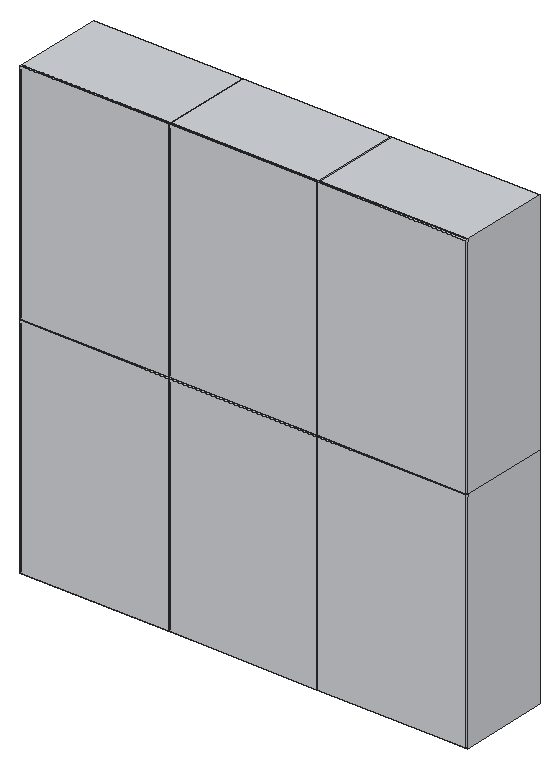
Revit family "LSN Configuration-E", category Electrical Equipment, host Face, Revit 2021
Family settings
  Host = Face
  Round Connector Dimension = Use Diameter
  Part Type = Other Panel
  OmniClass Number = 23.80.30.11.14
  OmniClass Title = Inverters
  Cut with Voids When Loaded = No
  Shared = No
  Room Calculation Point = No
Parameters (values of type "LSN")
  Width = 30.00"  # constant formula
  Wattage = ""
  Voltage = ""
  URL = "https://www.currentlighting.com/dual-lite"
  Temperature Range = "20°C - 30°C (68°F - 86°F)"  # constant formula
  Product Page URL = ""
  Product Documentation Link = ""
  Output Voltage = Output Voltage : 120/240VAC
  Model = "LSN - D Series"  # constant formula
  Manufacturer = "Dual-Lite"  # constant formula
  Load Classification = Power
  Input Voltage = Input Voltage : 120VAC
  Housing Material = Metal -  Steel - Gray
  Height = 46.00"  # constant formula
  Door Open [instance] = no
  Door Angle [instance] = if(Door Open, 90.00°, 0.00°)  # 0.00°
  Description = "Single-Phase Central Lighting Inverters"  # constant formula
  Depth = 18.63"  # constant formula
  Default Elevation = 48.00"
  Connector Description = "Electrical Connector"  # constant formula
  Capacity Rating = Capacity Rating : 01 = 1.0KVA
  Battery Type = Battery Type : G = 20-Year VRLA Lead-Calcium
  Assembly Code = "D5090200"
Reference planes (in)
  plane 1 "Center (Front/Back)": y = 0
  plane 2 "Bottom": z = 0
  plane 3 "Center (Left/Right)": x = 0
  plane 4 "Right": x = 15
  plane 5 "Left": x = -15
  plane 6 "Top": z = 46
  plane 7 "T": y = 9.315
  plane 8 "Front": y = -9.315
  plane 9: y = -8.815
  plane 10: x = -14.5
  plane 11: z = 45.5
  plane 12: x = 14.5
  plane 13: z = 0.5
  plane 14: y = 8.815
Lines and regions (in)
  reference lines
    curve 1: line (-15, -8.815, 0) -> (-15, -9.315, 0)
    curve 2: line (-15, -8.815, 0) -> (-15, -15.565, 0)
    curve 3: line (-15, -8.815, 0) -> (-7, -8.815, 0)
Dimensions and locks (in)
  "Width": plane 5 "Left" to plane 4 "Right"
  "Depth": plane 8 "Front" to plane 7 "T"
  equal spacing: plane 8 "Front", plane 1 "Center (Front/Back)", plane 7 "T"
  equal spacing: plane 5 "Left", plane 3 "Center (Left/Right)", plane 4 "Right"
  locked: plane 9 to plane 8 "Front" at 0.5
  locked: plane 14 to plane 7 "T" at 0.5
  locked: curve 2 to curve 3 (angle 90.00°)
  "Door Angle": angle curve 3 to plane 9
  aligned and locked: host face to plane 2 "Bottom"
  aligned and locked: plane 9 to curve 1
  aligned and locked: plane 3 "Center (Left/Right)" to nested 1
  aligned and locked: plane 3 "Center (Left/Right)" to nested 2
  aligned and locked: plane 1 "Center (Front/Back)" to nested 1
  aligned and locked: plane 1 "Center (Front/Back)" to nested 2
  aligned and locked: nested 3 to plane 4 "Right"
  aligned and locked: plane 1 "Center (Front/Back)" to nested 3
  aligned and locked: nested 4 to plane 4 "Right"
  aligned and locked: plane 1 "Center (Front/Back)" to nested 4
  aligned and locked: nested 5 to nested 4
  aligned and locked: plane 1 "Center (Front/Back)" to nested 5
  aligned and locked: nested 6 to nested 4
  aligned and locked: plane 1 "Center (Front/Back)" to nested 6
Automatic sketch dimensions
  host sketch curve to host sketch curve = 146.16662"
  host sketch curve to host sketch curve = 96.00"
  curve 1 to plane 5 "Left" = 0.00"
  curve 1 to plane 8 "Front" = 0.00"
Nested families (in)
  nested 1: "LSN" at (0, 0, 0), type "LSN"
    with Door Angle 0.00°
  nested 2: "LSN-1" at (0, 0, 46), type "LSN"
    with Door Angle 0.00°
  nested 3: "LSN" at (30, 0, 0), type "LSN"
    with Door Angle 0.00°
  nested 4: "LSN" at (30, 0, 46), type "LSN"
    with Door Angle 0.00°
  nested 5: "LSN" at (60, 0, 0), type "LSN"
    with Door Angle 0.00°
  nested 6: "LSN" at (60, 0, 46), type "LSN"
    with Door Angle 0.00°
Connectors (in)
  electrical at (0, 9.315, 23), driven by "Connector Description", driven by "Load Classification"
    settings: on nested 1, index 1, voltage 0 V, apparent load 0 VA, apparent load phase1 0 VA, apparent load phase2 0 VA, apparent load phase3 0 VA, power factor 1, load classification "Power", number of poles 1, system type 30, power factor state 1, is connector primary yes, connector utility no, sub classification motor no, connector description "Electrical Connector"
Definition of nested family "LSN"
  Parameters
    Width = 30.00"  # constant formula
    Wattage = ""
    Voltage = ""
    URL = "http://www.dual-lite.com/"
    Temperature Range = "20°C - 30°C (68°F - 86°F)"  # constant formula
    Product Page URL = "http://www.dual-lite.com/products/lsn_d_series"
    Product Documentation Link = "http://cdn.dual-lite.com/content/products/specs/specs_files/dlt_lsn_specsht.pdf"
    Model = "LSN - D Series"  # constant formula
    Manufacturer Phone = "864-678-1000"  # constant formula
    Manufacturer Fax = "866-898-0131"  # constant formula
    Manufacturer = "Dual-Lite"  # constant formula
    Load Classification = none
    Housing Material = none
    Height = 46.00"  # constant formula
    Door Open = no
    Door Angle [instance] = if(Door Open, 90.00°, 0.00°)  # 0.00°
    Description = "Single-Phase Central Lighting Inverters"  # constant formula
    Depth = 18.63"  # constant formula
    Default Elevation = 48.00"
    Connector Description = "Electrical Connector"  # constant formula
    Assembly Code = "D5090200"
  Reference planes (in)
    plane 1 "Center (Front/Back)": y = 0
    plane 2 "Bottom": z = 0
    plane 3 "Center (Left/Right)": x = 0
    plane 4 "Right": x = 15
    plane 5 "Left": x = -15
    plane 6 "Top": z = 46
    plane 7 "T": y = 9.315
    plane 8 "Front": y = -9.315
    plane 9: y = -8.815
    plane 10: x = -14.5
    plane 11: z = 45.5
    plane 12: x = 14.5
    plane 13: z = 0.5
    plane 14: y = 8.815
  Forms (in)
    Extrusion 1, solid
      sketch origin (0, 0, 0) x (1, 0, 0) y (0, 1, 0)
        loop
          line (-48, 48) -> (-48, -48) -> (48, -48) -> (48, 48) -> (-48, 48)
      from 0 to -12
    Extrusion 2, solid, material <- "Housing Material"
      sketch origin (31, -10.16313, -33.67652) x (-1, 0, 0) y (0, 0, -1)
        loop
          line (46, -79.67652) -> (46, -33.67652) -> (16, -33.67652) -> (16, -79.67652) -> (46, -79.67652)
      from -1.34813 to -19.47813
    Extrusion 3, void
      sketch origin (0, -10.16313, 0) x (-1, 0, 0) y (0, 0, -1)
        loop
          line (14.5, -45.5) -> (14.5, -0.5) -> (-14.5, -0.5) -> (-14.5, -45.5) -> (14.5, -45.5)
      from -0.84813 to -18.97813
  Cuts and joins
    Extrusion 3 cuts Extrusion 2
  Lines and regions (in)
    reference lines
      curve 1: line (-15, -8.815, 0) -> (-15, -9.315, 0)
      curve 2: line (-15, -8.815, 0) -> (-15, -15.565, 0)
      curve 3: line (-15, -8.815, 0) -> (-7, -8.815, 0)
  Dimensions and locks (in)
    "Width": plane 5 "Left" to plane 4 "Right"
    "Depth": plane 8 "Front" to plane 7 "T"
    equal spacing: plane 8 "Front", plane 1 "Center (Front/Back)", plane 7 "T"
    equal spacing: plane 5 "Left", plane 3 "Center (Left/Right)", plane 4 "Right"
    locked: plane 9 to plane 8 "Front" at 0.5
    locked: plane 5 "Left" to plane 10 at 0.5
    locked: plane 6 "Top" to plane 11 at 0.5
    locked: plane 4 "Right" to plane 12 at 0.5
    locked: plane 14 to plane 7 "T" at 0.5
    locked: plane 13 to plane 2 "Bottom" at 0.5
    "Height": plane 6 "Top" to plane 2 "Bottom"
    locked: curve 2 to curve 3 (angle 90.00°)
    "Door Angle": angle curve 3 to plane 9
    "Door Angle": angle nested 1 to plane 9
    aligned and locked: plane 2 "Bottom" to Extrusion 1
    aligned and locked: Extrusion 2 sketch curve to plane 4 "Right"
    aligned and locked: plane 5 "Left" to Extrusion 2 sketch curve
    aligned and locked: Extrusion 3 sketch curve to plane 11
    aligned and locked: Extrusion 3 sketch curve to plane 12
    aligned and locked: plane 13 to Extrusion 3 sketch curve
    aligned and locked: Extrusion 3 sketch curve to plane 10
    aligned and locked: Extrusion 3 to plane 14
    aligned and locked: plane 9 to curve 1
    aligned and locked: Extrusion 2 to plane 7 "T"
    aligned and locked: Extrusion 3 to plane 8 "Front"
    aligned and locked: Extrusion 2 to plane 9
    aligned and locked: plane 6 "Top" to Extrusion 2
    aligned and locked: curve 2 to nested 1
    aligned and locked: curve 3 to nested 1
    aligned and locked: plane 6 "Top" to nested 1
  Automatic sketch dimensions
    Extrusion 1 sketch curve to Extrusion 1 sketch curve = 96.00"  (x2)
    Extrusion 2 sketch curve to plane 6 "Top" = 0.00"
    curve 3 to plane 5 "Left" = 0.00"
    curve 1 to plane 8 "Front" = 0.00"
    Extrusion 2 sketch curve to plane 2 "Bottom" = 0.00"
  Nested families (in)
    nested 1: "Door" at (0, -8.815, 0), type "Door"
  Definition of nested family "Door"
    Parameters
      Material = none
      Length = 30.00"
      Height = 46.00"
      Default Elevation = 0.00"
    Reference planes (in)
      plane 1 "Center (Front/Back)": y = 0
      plane 2: z = 0
      plane 3 "Center (Left/Right)": x = 0
      plane 4: x = 15
      plane 5: x = -15
      plane 6: y = -0.5
      plane 7: y = -0.4
      plane 8: z = 46
      plane 9: z = 0.50743
      plane 10: z = 45.5
      plane 11: x = -14.8
      plane 12: x = 14.8
      plane 13: z = 0.29687
    Forms (in)
      Extrusion 1, solid, material <- "Material"
        sketch origin (0, 0, 0) x (0, 1, 0) y (0, 0, 1)
          loop
            line (0, 46) -> (-0.5, 46) -> (-0.5, 0.29687) -> (0, 0.29687) -> (0, 0.50743) -> (-0.4, 0.50743) -> (-0.4, 45.5) -> (0, 45.5) -> (0, 46)
        from -15 to 15
      Extrusion 2, solid, material <- "Material"
        sketch origin (0, 0, 0) x (1, 0, 0) y (0, 1, 0)
          loop
            line (-15, 0) -> (-15, -0.4) -> (-14.8, -0.4) -> (-14.8, 0) -> (-15, 0)
          loop
            line (14.8, 0) -> (14.8, -0.4) -> (15, -0.4) -> (15, 0) -> (14.8, 0)
        from 0.50743 to 45.5
      Extrusion 3, void, not visible
        sketch origin (0, 0, 0) x (1, 0, 0) y (0, 0, 1)
          loop
            line (-13.99886, 4.74938) -> (-13.99886, 1.74938) -> (-13.74886, 1.74938) -> (-13.74886, 4.74938) -> (-13.99886, 4.74938)
        from 0 to 12
    Lines and regions (in)
      reference lines
        curve 1: line (-15, -0.5, 0) -> (-15, -2.25, 0)
        curve 2: line (-15, -0.5, 0) -> (18.75, -0.5, 0)
      model lines
        curve 3: circle (-12.83648, -0.5, 24.38305) r 0.5 normal (0, -1, 0)
    Dimensions and locks (in)
      equal spacing: plane 5, plane 3 "Center (Left/Right)", plane 4
      "Length": plane 5 to plane 4
      plane 1 "Center (Front/Back)" to plane 6 = 0.50"
      plane 7 to plane 6 = 0.10"
      "Height": plane 8 to level
      plane 8 to plane 10 = 0.50"
      plane 1 "Center (Front/Back)" to Extrusion 2 = 0.40"
      locked: plane 4 to plane 12 at 0.2
      locked: plane 11 to plane 5 at 0.2
      locked: plane 13 to plane 2 at 0.29688
      aligned and locked: plane 2 to level
      aligned and locked: Extrusion 1 sketch curve to plane 8
      aligned and locked: Extrusion 1 sketch curve to plane 6
      aligned and locked: plane 7 to Extrusion 1 sketch curve
      aligned and locked: plane 1 "Center (Front/Back)" to Extrusion 1 sketch curve
      aligned and locked: Extrusion 1 to plane 10
      aligned and locked: plane 9 to Extrusion 1
      aligned and locked: Extrusion 1 to plane 5
      aligned and locked: plane 4 to Extrusion 1
      aligned and locked: Extrusion 2 sketch curve to plane 11
      aligned and locked: plane 1 "Center (Front/Back)" to Extrusion 2 sketch curve
      aligned and locked: Extrusion 2 sketch curve to plane 12
      aligned and locked: plane 10 to Extrusion 2
      aligned and locked: Extrusion 2 to plane 9
      aligned and locked: Extrusion 2 sketch curve to plane 7  (x2)
    Automatic sketch dimensions
      curve 1 to plane 5 = 0.00"
      plane 6 to curve 2 = 0.00"
      plane 4 to curve 2 = 3.75"
      curve 1 to curve 1 = 1.75"
      Extrusion 3 sketch curve to Extrusion 3 sketch curve = 0.25"
      Extrusion 3 sketch curve to Extrusion 3 sketch curve = 3.00"
      Extrusion 1 sketch curve to plane 1 "Center (Front/Back)" = 0.00"
      Extrusion 1 sketch curve to plane 9 = 0.00"
      Extrusion 1 sketch curve to plane 10 = 0.00"
      Extrusion 2 sketch curve to plane 5 = 0.00"
      Extrusion 2 sketch curve to plane 4 = 0.00"
      plane 1 "Center (Front/Back)" to Extrusion 2 sketch curve = 0.00"
      plane 11 to curve 3 = 1.96352"
      curve 3 to plane 10 = 21.11695"
      level to Extrusion 1 sketch curve = 0.29688"
      radius of curve 3 = 0.50"
Definition of nested family "LSN-1"
  Parameters
    Width = 30.00"  # constant formula
    Wattage = ""
    Voltage = ""
    URL = "http://www.dual-lite.com/"
    Temperature Range = "20°C - 30°C (68°F - 86°F)"  # constant formula
    Product Page URL = "http://www.dual-lite.com/products/lsn_d_series"
    Product Documentation Link = "http://cdn.dual-lite.com/content/products/specs/specs_files/dlt_lsn_specsht.pdf"
    Model = "LSN - D Series"  # constant formula
    Manufacturer Phone = "864-678-1000"  # constant formula
    Manufacturer Fax = "866-898-0131"  # constant formula
    Manufacturer = "Dual-Lite"  # constant formula
    Load Classification = none
    Housing Material = none
    Height = 46.00"  # constant formula
    Door Open = no
    Door Angle [instance] = if(Door Open, 90.00°, 0.00°)  # 0.00°
    Description = "Single-Phase Central Lighting Inverters"  # constant formula
    Depth = 18.63"  # constant formula
    Default Elevation = 48.00"
    Connector Description = "Electrical Connector"  # constant formula
    Assembly Code = "D5090200"
  Reference planes (in)
    plane 1 "Center (Front/Back)": y = 0
    plane 2 "Bottom": z = 0
    plane 3 "Center (Left/Right)": x = 0
    plane 4 "Right": x = 15
    plane 5 "Left": x = -15
    plane 6 "Top": z = 46
    plane 7 "T": y = 9.315
    plane 8 "Front": y = -9.315
    plane 9: y = -8.815
    plane 10: x = -14.5
    plane 11: z = 45.5
    plane 12: x = 14.5
    plane 13: z = 0.5
    plane 14: y = 8.815
  Forms (in)
    Extrusion 1, solid
      sketch origin (0, 0, 0) x (1, 0, 0) y (0, 1, 0)
        loop
          line (-48, 48) -> (-48, -48) -> (48, -48) -> (48, 48) -> (-48, 48)
      from 0 to -12
    Extrusion 2, solid, material <- "Housing Material"
      sketch origin (31, -10.16313, -33.67652) x (-1, 0, 0) y (0, 0, -1)
        loop
          line (46, -79.67652) -> (46, -33.67652) -> (16, -33.67652) -> (16, -79.67652) -> (46, -79.67652)
      from -1.34813 to -19.47813
    Extrusion 3, void
      sketch origin (0, -10.16313, 0) x (-1, 0, 0) y (0, 0, -1)
        loop
          line (14.5, -45.5) -> (14.5, -0.5) -> (-14.5, -0.5) -> (-14.5, -45.5) -> (14.5, -45.5)
      from -0.84813 to -18.97813
  Cuts and joins
    Extrusion 3 cuts Extrusion 2
  Lines and regions (in)
    reference lines
      curve 1: line (-15, -8.815, 0) -> (-15, -9.315, 0)
      curve 2: line (-15, -8.815, 0) -> (-15, -15.565, 0)
      curve 3: line (-15, -8.815, 0) -> (-7, -8.815, 0)
  Dimensions and locks (in)
    "Width": plane 5 "Left" to plane 4 "Right"
    "Depth": plane 8 "Front" to plane 7 "T"
    equal spacing: plane 8 "Front", plane 1 "Center (Front/Back)", plane 7 "T"
    equal spacing: plane 5 "Left", plane 3 "Center (Left/Right)", plane 4 "Right"
    locked: plane 9 to plane 8 "Front" at 0.5
    locked: plane 5 "Left" to plane 10 at 0.5
    locked: plane 6 "Top" to plane 11 at 0.5
    locked: plane 4 "Right" to plane 12 at 0.5
    locked: plane 14 to plane 7 "T" at 0.5
    locked: plane 13 to plane 2 "Bottom" at 0.5
    "Height": plane 6 "Top" to plane 2 "Bottom"
    locked: curve 2 to curve 3 (angle 90.00°)
    "Door Angle": angle curve 3 to plane 9
    "Door Angle": angle nested 1 to plane 9
    aligned and locked: plane 2 "Bottom" to Extrusion 1
    aligned and locked: Extrusion 2 sketch curve to plane 4 "Right"
    aligned and locked: plane 5 "Left" to Extrusion 2 sketch curve
    aligned and locked: Extrusion 3 sketch curve to plane 11
    aligned and locked: Extrusion 3 sketch curve to plane 12
    aligned and locked: plane 13 to Extrusion 3 sketch curve
    aligned and locked: Extrusion 3 sketch curve to plane 10
    aligned and locked: Extrusion 3 to plane 14
    aligned and locked: plane 9 to curve 1
    aligned and locked: Extrusion 2 to plane 7 "T"
    aligned and locked: Extrusion 3 to plane 8 "Front"
    aligned and locked: Extrusion 2 to plane 9
    aligned and locked: plane 6 "Top" to Extrusion 2
    aligned and locked: curve 2 to nested 1
    aligned and locked: curve 3 to nested 1
    aligned and locked: plane 6 "Top" to nested 1
  Automatic sketch dimensions
    Extrusion 1 sketch curve to Extrusion 1 sketch curve = 96.00"  (x2)
    Extrusion 2 sketch curve to plane 6 "Top" = 0.00"
    curve 3 to plane 5 "Left" = 0.00"
    curve 1 to plane 8 "Front" = 0.00"
    Extrusion 2 sketch curve to plane 2 "Bottom" = 0.00"
  Nested families (in)
    nested 1: "Door" at (0, -8.815, 0), type "Door"
  Definition of nested family "Door"
    Parameters
      Material = none
      Length = 30.00"
      Height = 46.00"
      Default Elevation = 0.00"
    Reference planes (in)
      plane 1 "Center (Front/Back)": y = 0
      plane 2: z = 0
      plane 3 "Center (Left/Right)": x = 0
      plane 4: x = 15
      plane 5: x = -15
      plane 6: y = -0.5
      plane 7: y = -0.4
      plane 8: z = 46
      plane 9: z = 0.50743
      plane 10: z = 45.5
      plane 11: x = -14.8
      plane 12: x = 14.8
      plane 13: z = 0.29687
    Forms (in)
      Extrusion 1, solid, material <- "Material"
        sketch origin (0, 0, 0) x (0, 1, 0) y (0, 0, 1)
          loop
            line (0, 46) -> (-0.5, 46) -> (-0.5, 0.29687) -> (0, 0.29687) -> (0, 0.50743) -> (-0.4, 0.50743) -> (-0.4, 45.5) -> (0, 45.5) -> (0, 46)
        from -15 to 15
      Extrusion 2, solid, material <- "Material"
        sketch origin (0, 0, 0) x (1, 0, 0) y (0, 1, 0)
          loop
            line (-15, 0) -> (-15, -0.4) -> (-14.8, -0.4) -> (-14.8, 0) -> (-15, 0)
          loop
            line (14.8, 0) -> (14.8, -0.4) -> (15, -0.4) -> (15, 0) -> (14.8, 0)
        from 0.50743 to 45.5
      Extrusion 3, void, not visible
        sketch origin (0, 0, 0) x (1, 0, 0) y (0, 0, 1)
          loop
            line (-13.99886, 4.74938) -> (-13.99886, 1.74938) -> (-13.74886, 1.74938) -> (-13.74886, 4.74938) -> (-13.99886, 4.74938)
        from 0 to 12
    Lines and regions (in)
      reference lines
        curve 1: line (-15, -0.5, 0) -> (-15, -2.25, 0)
        curve 2: line (-15, -0.5, 0) -> (18.75, -0.5, 0)
      model lines
        curve 3: line (-13.5, -0.5, 19.91964) -> (13.5, -0.5, 19.91964)
        curve 4: line (-13.5, -0.5, 12.41964) -> (-13.5, -0.5, 19.91964)
        curve 5: line (13.5, -0.5, 12.41964) -> (-13.5, -0.5, 12.41964)
        curve 6: circle (0, -0.5, 13.68461) r 0.5 normal (0, -1, 0)
        curve 7: circle (-12.83648, -0.5, 24.38305) r 0.5 normal (0, -1, 0)
        curve 8: line (13.5, -0.5, 12.41964) -> (13.5, -0.5, 19.91964)
        curve 9: line (-13.99886, -0.5, 4.12438) -> (-13.74886, -0.5, 4.12438)
        curve 10: line (-13.99886, -0.5, 1.12438) -> (-13.99886, -0.5, 4.12438)
        curve 11: line (-13.74886, -0.5, 1.12438) -> (-13.99886, -0.5, 1.12438)
        curve 12: line (-13.74886, -0.5, 4.12438) -> (-13.74886, -0.5, 1.12438)
        curve 13: line (13.75114, -0.5, 4.12438) -> (14.00114, -0.5, 4.12438)
        curve 14: line (13.75114, -0.5, 1.12438) -> (13.75114, -0.5, 4.12438)
        curve 15: line (14.00114, -0.5, 1.12438) -> (13.75114, -0.5, 1.12438)
        curve 16: line (14.00114, -0.5, 4.12438) -> (14.00114, -0.5, 1.12438)
        curve 17: line (-13.43253, -0.5, 4.12438) -> (-13.18253, -0.5, 4.12438)
        curve 18: line (-13.43253, -0.5, 1.12438) -> (-13.43253, -0.5, 4.12438)
        curve 19: line (-13.18253, -0.5, 1.12438) -> (-13.43253, -0.5, 1.12438)
        curve 20: line (-13.18253, -0.5, 4.12438) -> (-13.18253, -0.5, 1.12438)
        curve 21: line (-12.86621, -0.5, 4.12438) -> (-12.61621, -0.5, 4.12438)
        curve 22: line (-12.86621, -0.5, 1.12438) -> (-12.86621, -0.5, 4.12438)
        curve 23: line (-12.61621, -0.5, 1.12438) -> (-12.86621, -0.5, 1.12438)
        curve 24: line (-12.61621, -0.5, 4.12438) -> (-12.61621, -0.5, 1.12438)
        curve 25: line (-12.29988, -0.5, 4.12438) -> (-12.04988, -0.5, 4.12438)
        curve 26: line (-12.29988, -0.5, 1.12438) -> (-12.29988, -0.5, 4.12438)
        curve 27: line (-12.04988, -0.5, 1.12438) -> (-12.29988, -0.5, 1.12438)
        curve 28: line (-12.04988, -0.5, 4.12438) -> (-12.04988, -0.5, 1.12438)
        curve 29: line (-11.73355, -0.5, 4.12438) -> (-11.48355, -0.5, 4.12438)
        curve 30: line (-11.73355, -0.5, 1.12438) -> (-11.73355, -0.5, 4.12438)
        curve 31: line (-11.48355, -0.5, 1.12438) -> (-11.73355, -0.5, 1.12438)
        curve 32: line (-11.48355, -0.5, 4.12438) -> (-11.48355, -0.5, 1.12438)
        curve 33: line (-11.16723, -0.5, 4.12438) -> (-10.91723, -0.5, 4.12438)
        curve 34: line (-11.16723, -0.5, 1.12438) -> (-11.16723, -0.5, 4.12438)
        curve 35: line (-10.91723, -0.5, 1.12438) -> (-11.16723, -0.5, 1.12438)
        curve 36: line (-10.91723, -0.5, 4.12438) -> (-10.91723, -0.5, 1.12438)
        curve 37: line (-10.6009, -0.5, 4.12438) -> (-10.3509, -0.5, 4.12438)
        curve 38: line (-10.6009, -0.5, 1.12438) -> (-10.6009, -0.5, 4.12438)
        curve 39: line (-10.3509, -0.5, 1.12438) -> (-10.6009, -0.5, 1.12438)
        curve 40: line (-10.3509, -0.5, 4.12438) -> (-10.3509, -0.5, 1.12438)
        curve 41: line (-10.03457, -0.5, 4.12438) -> (-9.78457, -0.5, 4.12438)
        curve 42: line (-10.03457, -0.5, 1.12438) -> (-10.03457, -0.5, 4.12438)
        curve 43: line (-9.78457, -0.5, 1.12438) -> (-10.03457, -0.5, 1.12438)
        curve 44: line (-9.78457, -0.5, 4.12438) -> (-9.78457, -0.5, 1.12438)
        curve 45: line (-9.46825, -0.5, 4.12438) -> (-9.21825, -0.5, 4.12438)
        curve 46: line (-9.46825, -0.5, 1.12438) -> (-9.46825, -0.5, 4.12438)
        curve 47: line (-9.21825, -0.5, 1.12438) -> (-9.46825, -0.5, 1.12438)
        curve 48: line (-9.21825, -0.5, 4.12438) -> (-9.21825, -0.5, 1.12438)
        curve 49: line (-8.90192, -0.5, 4.12438) -> (-8.65192, -0.5, 4.12438)
        curve 50: line (-8.90192, -0.5, 1.12438) -> (-8.90192, -0.5, 4.12438)
        curve 51: line (-8.65192, -0.5, 1.12438) -> (-8.90192, -0.5, 1.12438)
        curve 52: line (-8.65192, -0.5, 4.12438) -> (-8.65192, -0.5, 1.12438)
        curve 53: line (-8.33559, -0.5, 4.12438) -> (-8.08559, -0.5, 4.12438)
        curve 54: line (-8.33559, -0.5, 1.12438) -> (-8.33559, -0.5, 4.12438)
        curve 55: line (-8.08559, -0.5, 1.12438) -> (-8.33559, -0.5, 1.12438)
        curve 56: line (-8.08559, -0.5, 4.12438) -> (-8.08559, -0.5, 1.12438)
        curve 57: line (-7.76927, -0.5, 4.12438) -> (-7.51927, -0.5, 4.12438)
        curve 58: line (-7.76927, -0.5, 1.12438) -> (-7.76927, -0.5, 4.12438)
        curve 59: line (-7.51927, -0.5, 1.12438) -> (-7.76927, -0.5, 1.12438)
        curve 60: line (-7.51927, -0.5, 4.12438) -> (-7.51927, -0.5, 1.12438)
        curve 61: line (-7.20294, -0.5, 4.12438) -> (-6.95294, -0.5, 4.12438)
        curve 62: line (-7.20294, -0.5, 1.12438) -> (-7.20294, -0.5, 4.12438)
        curve 63: line (-6.95294, -0.5, 1.12438) -> (-7.20294, -0.5, 1.12438)
        curve 64: line (-6.95294, -0.5, 4.12438) -> (-6.95294, -0.5, 1.12438)
        curve 65: line (-6.63661, -0.5, 4.12438) -> (-6.38661, -0.5, 4.12438)
        curve 66: line (-6.63661, -0.5, 1.12438) -> (-6.63661, -0.5, 4.12438)
        curve 67: line (-6.38661, -0.5, 1.12438) -> (-6.63661, -0.5, 1.12438)
        curve 68: line (-6.38661, -0.5, 4.12438) -> (-6.38661, -0.5, 1.12438)
        curve 69: line (-6.07029, -0.5, 4.12438) -> (-5.82029, -0.5, 4.12438)
        curve 70: line (-6.07029, -0.5, 1.12438) -> (-6.07029, -0.5, 4.12438)
        curve 71: line (-5.82029, -0.5, 1.12438) -> (-6.07029, -0.5, 1.12438)
        curve 72: line (-5.82029, -0.5, 4.12438) -> (-5.82029, -0.5, 1.12438)
        curve 73: line (-5.50396, -0.5, 4.12438) -> (-5.25396, -0.5, 4.12438)
        curve 74: line (-5.50396, -0.5, 1.12438) -> (-5.50396, -0.5, 4.12438)
        curve 75: line (-5.25396, -0.5, 1.12438) -> (-5.50396, -0.5, 1.12438)
        curve 76: line (-5.25396, -0.5, 4.12438) -> (-5.25396, -0.5, 1.12438)
        curve 77: line (-4.93764, -0.5, 4.12438) -> (-4.68764, -0.5, 4.12438)
        curve 78: line (-4.93764, -0.5, 1.12438) -> (-4.93764, -0.5, 4.12438)
        curve 79: line (-4.68764, -0.5, 1.12438) -> (-4.93764, -0.5, 1.12438)
        curve 80: line (-4.68764, -0.5, 4.12438) -> (-4.68764, -0.5, 1.12438)
        curve 81: line (-4.37131, -0.5, 4.12438) -> (-4.12131, -0.5, 4.12438)
        curve 82: line (-4.37131, -0.5, 1.12438) -> (-4.37131, -0.5, 4.12438)
        curve 83: line (-4.12131, -0.5, 1.12438) -> (-4.37131, -0.5, 1.12438)
        curve 84: line (-4.12131, -0.5, 4.12438) -> (-4.12131, -0.5, 1.12438)
        curve 85: line (-3.80498, -0.5, 4.12438) -> (-3.55498, -0.5, 4.12438)
        curve 86: line (-3.80498, -0.5, 1.12438) -> (-3.80498, -0.5, 4.12438)
        curve 87: line (-3.55498, -0.5, 1.12438) -> (-3.80498, -0.5, 1.12438)
        curve 88: line (-3.55498, -0.5, 4.12438) -> (-3.55498, -0.5, 1.12438)
        curve 89: line (-3.23866, -0.5, 4.12438) -> (-2.98866, -0.5, 4.12438)
        curve 90: line (-3.23866, -0.5, 1.12438) -> (-3.23866, -0.5, 4.12438)
        curve 91: line (-2.98866, -0.5, 1.12438) -> (-3.23866, -0.5, 1.12438)
        curve 92: line (-2.98866, -0.5, 4.12438) -> (-2.98866, -0.5, 1.12438)
        curve 93: line (-2.67233, -0.5, 4.12438) -> (-2.42233, -0.5, 4.12438)
        curve 94: line (-2.67233, -0.5, 1.12438) -> (-2.67233, -0.5, 4.12438)
        curve 95: line (-2.42233, -0.5, 1.12438) -> (-2.67233, -0.5, 1.12438)
        curve 96: line (-2.42233, -0.5, 4.12438) -> (-2.42233, -0.5, 1.12438)
        curve 97: line (-2.106, -0.5, 4.12438) -> (-1.856, -0.5, 4.12438)
        curve 98: line (-2.106, -0.5, 1.12438) -> (-2.106, -0.5, 4.12438)
        curve 99: line (-1.856, -0.5, 1.12438) -> (-2.106, -0.5, 1.12438)
        curve 100: line (-1.856, -0.5, 4.12438) -> (-1.856, -0.5, 1.12438)
        curve 101: line (-1.53968, -0.5, 4.12438) -> (-1.28968, -0.5, 4.12438)
        curve 102: line (-1.53968, -0.5, 1.12438) -> (-1.53968, -0.5, 4.12438)
        curve 103: line (-1.28968, -0.5, 1.12438) -> (-1.53968, -0.5, 1.12438)
        curve 104: line (-1.28968, -0.5, 4.12438) -> (-1.28968, -0.5, 1.12438)
        curve 105: line (-0.97335, -0.5, 4.12438) -> (-0.72335, -0.5, 4.12438)
        curve 106: line (-0.97335, -0.5, 1.12438) -> (-0.97335, -0.5, 4.12438)
        curve 107: line (-0.72335, -0.5, 1.12438) -> (-0.97335, -0.5, 1.12438)
        curve 108: line (-0.72335, -0.5, 4.12438) -> (-0.72335, -0.5, 1.12438)
        curve 109: line (-0.40702, -0.5, 4.12438) -> (-0.15702, -0.5, 4.12438)
        curve 110: line (-0.40702, -0.5, 1.12438) -> (-0.40702, -0.5, 4.12438)
        curve 111: line (-0.15702, -0.5, 1.12438) -> (-0.40702, -0.5, 1.12438)
        curve 112: line (-0.15702, -0.5, 4.12438) -> (-0.15702, -0.5, 1.12438)
        curve 113: line (0.1593, -0.5, 4.12438) -> (0.4093, -0.5, 4.12438)
        curve 114: line (0.1593, -0.5, 1.12438) -> (0.1593, -0.5, 4.12438)
        curve 115: line (0.4093, -0.5, 1.12438) -> (0.1593, -0.5, 1.12438)
        curve 116: line (0.4093, -0.5, 4.12438) -> (0.4093, -0.5, 1.12438)
        curve 117: line (0.72563, -0.5, 4.12438) -> (0.97563, -0.5, 4.12438)
        curve 118: line (0.72563, -0.5, 1.12438) -> (0.72563, -0.5, 4.12438)
        curve 119: line (0.97563, -0.5, 1.12438) -> (0.72563, -0.5, 1.12438)
        curve 120: line (0.97563, -0.5, 4.12438) -> (0.97563, -0.5, 1.12438)
        curve 121: line (1.29196, -0.5, 4.12438) -> (1.54196, -0.5, 4.12438)
        curve 122: line (1.29196, -0.5, 1.12438) -> (1.29196, -0.5, 4.12438)
        curve 123: line (1.54196, -0.5, 1.12438) -> (1.29196, -0.5, 1.12438)
        curve 124: line (1.54196, -0.5, 4.12438) -> (1.54196, -0.5, 1.12438)
        curve 125: line (1.85828, -0.5, 4.12438) -> (2.10828, -0.5, 4.12438)
        curve 126: line (1.85828, -0.5, 1.12438) -> (1.85828, -0.5, 4.12438)
        curve 127: line (2.10828, -0.5, 1.12438) -> (1.85828, -0.5, 1.12438)
        curve 128: line (2.10828, -0.5, 4.12438) -> (2.10828, -0.5, 1.12438)
        curve 129: line (2.42461, -0.5, 4.12438) -> (2.67461, -0.5, 4.12438)
        curve 130: line (2.42461, -0.5, 1.12438) -> (2.42461, -0.5, 4.12438)
        curve 131: line (2.67461, -0.5, 1.12438) -> (2.42461, -0.5, 1.12438)
        curve 132: line (2.67461, -0.5, 4.12438) -> (2.67461, -0.5, 1.12438)
        curve 133: line (2.99094, -0.5, 4.12438) -> (3.24094, -0.5, 4.12438)
        curve 134: line (2.99094, -0.5, 1.12438) -> (2.99094, -0.5, 4.12438)
        curve 135: line (3.24094, -0.5, 1.12438) -> (2.99094, -0.5, 1.12438)
        curve 136: line (3.24094, -0.5, 4.12438) -> (3.24094, -0.5, 1.12438)
        curve 137: line (3.55726, -0.5, 4.12438) -> (3.80726, -0.5, 4.12438)
        curve 138: line (3.55726, -0.5, 1.12438) -> (3.55726, -0.5, 4.12438)
        curve 139: line (3.80726, -0.5, 1.12438) -> (3.55726, -0.5, 1.12438)
        curve 140: line (3.80726, -0.5, 4.12438) -> (3.80726, -0.5, 1.12438)
        curve 141: line (4.12359, -0.5, 4.12438) -> (4.37359, -0.5, 4.12438)
        curve 142: line (4.12359, -0.5, 1.12438) -> (4.12359, -0.5, 4.12438)
        curve 143: line (4.37359, -0.5, 1.12438) -> (4.12359, -0.5, 1.12438)
        curve 144: line (4.37359, -0.5, 4.12438) -> (4.37359, -0.5, 1.12438)
        curve 145: line (4.68992, -0.5, 4.12438) -> (4.93992, -0.5, 4.12438)
        curve 146: line (4.68992, -0.5, 1.12438) -> (4.68992, -0.5, 4.12438)
        curve 147: line (4.93992, -0.5, 1.12438) -> (4.68992, -0.5, 1.12438)
        curve 148: line (4.93992, -0.5, 4.12438) -> (4.93992, -0.5, 1.12438)
        curve 149: line (5.25624, -0.5, 4.12438) -> (5.50624, -0.5, 4.12438)
        curve 150: line (5.25624, -0.5, 1.12438) -> (5.25624, -0.5, 4.12438)
        curve 151: line (5.50624, -0.5, 1.12438) -> (5.25624, -0.5, 1.12438)
        curve 152: line (5.50624, -0.5, 4.12438) -> (5.50624, -0.5, 1.12438)
        curve 153: line (5.82257, -0.5, 4.12438) -> (6.07257, -0.5, 4.12438)
        curve 154: line (5.82257, -0.5, 1.12438) -> (5.82257, -0.5, 4.12438)
        curve 155: line (6.07257, -0.5, 1.12438) -> (5.82257, -0.5, 1.12438)
        curve 156: line (6.07257, -0.5, 4.12438) -> (6.07257, -0.5, 1.12438)
        curve 157: line (6.3889, -0.5, 4.12438) -> (6.6389, -0.5, 4.12438)
        curve 158: line (6.3889, -0.5, 1.12438) -> (6.3889, -0.5, 4.12438)
        curve 159: line (6.6389, -0.5, 1.12438) -> (6.3889, -0.5, 1.12438)
        curve 160: line (6.6389, -0.5, 4.12438) -> (6.6389, -0.5, 1.12438)
        curve 161: line (6.95522, -0.5, 4.12438) -> (7.20522, -0.5, 4.12438)
        curve 162: line (6.95522, -0.5, 1.12438) -> (6.95522, -0.5, 4.12438)
        curve 163: line (7.20522, -0.5, 1.12438) -> (6.95522, -0.5, 1.12438)
        curve 164: line (7.20522, -0.5, 4.12438) -> (7.20522, -0.5, 1.12438)
        curve 165: line (7.52155, -0.5, 4.12438) -> (7.77155, -0.5, 4.12438)
        curve 166: line (7.52155, -0.5, 1.12438) -> (7.52155, -0.5, 4.12438)
        curve 167: line (7.77155, -0.5, 1.12438) -> (7.52155, -0.5, 1.12438)
        curve 168: line (7.77155, -0.5, 4.12438) -> (7.77155, -0.5, 1.12438)
        curve 169: line (8.08788, -0.5, 4.12438) -> (8.33788, -0.5, 4.12438)
        curve 170: line (8.08788, -0.5, 1.12438) -> (8.08788, -0.5, 4.12438)
        curve 171: line (8.33788, -0.5, 1.12438) -> (8.08788, -0.5, 1.12438)
        curve 172: line (8.33788, -0.5, 4.12438) -> (8.33788, -0.5, 1.12438)
        curve 173: line (8.6542, -0.5, 4.12438) -> (8.9042, -0.5, 4.12438)
        curve 174: line (8.6542, -0.5, 1.12438) -> (8.6542, -0.5, 4.12438)
        curve 175: line (8.9042, -0.5, 1.12438) -> (8.6542, -0.5, 1.12438)
        curve 176: line (8.9042, -0.5, 4.12438) -> (8.9042, -0.5, 1.12438)
        curve 177: line (9.22053, -0.5, 4.12438) -> (9.47053, -0.5, 4.12438)
        curve 178: line (9.22053, -0.5, 1.12438) -> (9.22053, -0.5, 4.12438)
        curve 179: line (9.47053, -0.5, 1.12438) -> (9.22053, -0.5, 1.12438)
        curve 180: line (9.47053, -0.5, 4.12438) -> (9.47053, -0.5, 1.12438)
        curve 181: line (9.78685, -0.5, 4.12438) -> (10.03685, -0.5, 4.12438)
        curve 182: line (9.78685, -0.5, 1.12438) -> (9.78685, -0.5, 4.12438)
        curve 183: line (10.03685, -0.5, 1.12438) -> (9.78685, -0.5, 1.12438)
        curve 184: line (10.03685, -0.5, 4.12438) -> (10.03685, -0.5, 1.12438)
        curve 185: line (10.35318, -0.5, 4.12438) -> (10.60318, -0.5, 4.12438)
        curve 186: line (10.35318, -0.5, 1.12438) -> (10.35318, -0.5, 4.12438)
        curve 187: line (10.60318, -0.5, 1.12438) -> (10.35318, -0.5, 1.12438)
        curve 188: line (10.60318, -0.5, 4.12438) -> (10.60318, -0.5, 1.12438)
        curve 189: line (10.91951, -0.5, 4.12438) -> (11.16951, -0.5, 4.12438)
        curve 190: line (10.91951, -0.5, 1.12438) -> (10.91951, -0.5, 4.12438)
        curve 191: line (11.16951, -0.5, 1.12438) -> (10.91951, -0.5, 1.12438)
        curve 192: line (11.16951, -0.5, 4.12438) -> (11.16951, -0.5, 1.12438)
        curve 193: line (11.48583, -0.5, 4.12438) -> (11.73583, -0.5, 4.12438)
        curve 194: line (11.48583, -0.5, 1.12438) -> (11.48583, -0.5, 4.12438)
        curve 195: line (11.73583, -0.5, 1.12438) -> (11.48583, -0.5, 1.12438)
        curve 196: line (11.73583, -0.5, 4.12438) -> (11.73583, -0.5, 1.12438)
        curve 197: line (12.05216, -0.5, 4.12438) -> (12.30216, -0.5, 4.12438)
        curve 198: line (12.05216, -0.5, 1.12438) -> (12.05216, -0.5, 4.12438)
        curve 199: line (12.30216, -0.5, 1.12438) -> (12.05216, -0.5, 1.12438)
        curve 200: line (12.30216, -0.5, 4.12438) -> (12.30216, -0.5, 1.12438)
        curve 201: line (12.61849, -0.5, 4.12438) -> (12.86849, -0.5, 4.12438)
        curve 202: line (12.61849, -0.5, 1.12438) -> (12.61849, -0.5, 4.12438)
        curve 203: line (12.86849, -0.5, 1.12438) -> (12.61849, -0.5, 1.12438)
        curve 204: line (12.86849, -0.5, 4.12438) -> (12.86849, -0.5, 1.12438)
        curve 205: line (13.18481, -0.5, 4.12438) -> (13.43481, -0.5, 4.12438)
        curve 206: line (13.18481, -0.5, 1.12438) -> (13.18481, -0.5, 4.12438)
        curve 207: line (13.43481, -0.5, 1.12438) -> (13.18481, -0.5, 1.12438)
        curve 208: line (13.43481, -0.5, 4.12438) -> (13.43481, -0.5, 1.12438)
        curve 209: line (-13.99886, -0.5, 7.49938) -> (-13.74886, -0.5, 7.49938)
        curve 210: line (-13.99886, -0.5, 4.49938) -> (-13.99886, -0.5, 7.49938)
        curve 211: line (-13.74886, -0.5, 4.49938) -> (-13.99886, -0.5, 4.49938)
        curve 212: line (-13.74886, -0.5, 7.49938) -> (-13.74886, -0.5, 4.49938)
        curve 213: line (13.75114, -0.5, 7.49938) -> (14.00114, -0.5, 7.49938)
        curve 214: line (13.75114, -0.5, 4.49938) -> (13.75114, -0.5, 7.49938)
        curve 215: line (14.00114, -0.5, 4.49938) -> (13.75114, -0.5, 4.49938)
        curve 216: line (14.00114, -0.5, 7.49938) -> (14.00114, -0.5, 4.49938)
        curve 217: line (-13.43253, -0.5, 7.49938) -> (-13.18253, -0.5, 7.49938)
        curve 218: line (-13.43253, -0.5, 4.49938) -> (-13.43253, -0.5, 7.49938)
        curve 219: line (-13.18253, -0.5, 4.49938) -> (-13.43253, -0.5, 4.49938)
        curve 220: line (-13.18253, -0.5, 7.49938) -> (-13.18253, -0.5, 4.49938)
        curve 221: line (-12.86621, -0.5, 7.49938) -> (-12.61621, -0.5, 7.49938)
        curve 222: line (-12.86621, -0.5, 4.49938) -> (-12.86621, -0.5, 7.49938)
        curve 223: line (-12.61621, -0.5, 4.49938) -> (-12.86621, -0.5, 4.49938)
        curve 224: line (-12.61621, -0.5, 7.49938) -> (-12.61621, -0.5, 4.49938)
        curve 225: line (-12.29988, -0.5, 7.49938) -> (-12.04988, -0.5, 7.49938)
        curve 226: line (-12.29988, -0.5, 4.49938) -> (-12.29988, -0.5, 7.49938)
        curve 227: line (-12.04988, -0.5, 4.49938) -> (-12.29988, -0.5, 4.49938)
        curve 228: line (-12.04988, -0.5, 7.49938) -> (-12.04988, -0.5, 4.49938)
        curve 229: line (-11.73355, -0.5, 7.49938) -> (-11.48355, -0.5, 7.49938)
        curve 230: line (-11.73355, -0.5, 4.49938) -> (-11.73355, -0.5, 7.49938)
        curve 231: line (-11.48355, -0.5, 4.49938) -> (-11.73355, -0.5, 4.49938)
        curve 232: line (-11.48355, -0.5, 7.49938) -> (-11.48355, -0.5, 4.49938)
        curve 233: line (-11.16723, -0.5, 7.49938) -> (-10.91723, -0.5, 7.49938)
        curve 234: line (-11.16723, -0.5, 4.49938) -> (-11.16723, -0.5, 7.49938)
        curve 235: line (-10.91723, -0.5, 4.49938) -> (-11.16723, -0.5, 4.49938)
        curve 236: line (-10.91723, -0.5, 7.49938) -> (-10.91723, -0.5, 4.49938)
        curve 237: line (-10.6009, -0.5, 7.49938) -> (-10.3509, -0.5, 7.49938)
        curve 238: line (-10.6009, -0.5, 4.49938) -> (-10.6009, -0.5, 7.49938)
        curve 239: line (-10.3509, -0.5, 4.49938) -> (-10.6009, -0.5, 4.49938)
        curve 240: line (-10.3509, -0.5, 7.49938) -> (-10.3509, -0.5, 4.49938)
        curve 241: line (-10.03457, -0.5, 7.49938) -> (-9.78457, -0.5, 7.49938)
        curve 242: line (-10.03457, -0.5, 4.49938) -> (-10.03457, -0.5, 7.49938)
        curve 243: line (-9.78457, -0.5, 4.49938) -> (-10.03457, -0.5, 4.49938)
        curve 244: line (-9.78457, -0.5, 7.49938) -> (-9.78457, -0.5, 4.49938)
        curve 245: line (-9.46825, -0.5, 7.49938) -> (-9.21825, -0.5, 7.49938)
        curve 246: line (-9.46825, -0.5, 4.49938) -> (-9.46825, -0.5, 7.49938)
        curve 247: line (-9.21825, -0.5, 4.49938) -> (-9.46825, -0.5, 4.49938)
        curve 248: line (-9.21825, -0.5, 7.49938) -> (-9.21825, -0.5, 4.49938)
        curve 249: line (-8.90192, -0.5, 7.49938) -> (-8.65192, -0.5, 7.49938)
        curve 250: line (-8.90192, -0.5, 4.49938) -> (-8.90192, -0.5, 7.49938)
        curve 251: line (-8.65192, -0.5, 4.49938) -> (-8.90192, -0.5, 4.49938)
        curve 252: line (-8.65192, -0.5, 7.49938) -> (-8.65192, -0.5, 4.49938)
        curve 253: line (-8.33559, -0.5, 7.49938) -> (-8.08559, -0.5, 7.49938)
        curve 254: line (-8.33559, -0.5, 4.49938) -> (-8.33559, -0.5, 7.49938)
        curve 255: line (-8.08559, -0.5, 4.49938) -> (-8.33559, -0.5, 4.49938)
        curve 256: line (-8.08559, -0.5, 7.49938) -> (-8.08559, -0.5, 4.49938)
        curve 257: line (-7.76927, -0.5, 7.49938) -> (-7.51927, -0.5, 7.49938)
        curve 258: line (-7.76927, -0.5, 4.49938) -> (-7.76927, -0.5, 7.49938)
        curve 259: line (-7.51927, -0.5, 4.49938) -> (-7.76927, -0.5, 4.49938)
        curve 260: line (-7.51927, -0.5, 7.49938) -> (-7.51927, -0.5, 4.49938)
        curve 261: line (-7.20294, -0.5, 7.49938) -> (-6.95294, -0.5, 7.49938)
        curve 262: line (-7.20294, -0.5, 4.49938) -> (-7.20294, -0.5, 7.49938)
        curve 263: line (-6.95294, -0.5, 4.49938) -> (-7.20294, -0.5, 4.49938)
        curve 264: line (-6.95294, -0.5, 7.49938) -> (-6.95294, -0.5, 4.49938)
        curve 265: line (-6.63661, -0.5, 7.49938) -> (-6.38661, -0.5, 7.49938)
        curve 266: line (-6.63661, -0.5, 4.49938) -> (-6.63661, -0.5, 7.49938)
        curve 267: line (-6.38661, -0.5, 4.49938) -> (-6.63661, -0.5, 4.49938)
        curve 268: line (-6.38661, -0.5, 7.49938) -> (-6.38661, -0.5, 4.49938)
        curve 269: line (-6.07029, -0.5, 7.49938) -> (-5.82029, -0.5, 7.49938)
        curve 270: line (-6.07029, -0.5, 4.49938) -> (-6.07029, -0.5, 7.49938)
        curve 271: line (-5.82029, -0.5, 4.49938) -> (-6.07029, -0.5, 4.49938)
        curve 272: line (-5.82029, -0.5, 7.49938) -> (-5.82029, -0.5, 4.49938)
        curve 273: line (-5.50396, -0.5, 7.49938) -> (-5.25396, -0.5, 7.49938)
        curve 274: line (-5.50396, -0.5, 4.49938) -> (-5.50396, -0.5, 7.49938)
        curve 275: line (-5.25396, -0.5, 4.49938) -> (-5.50396, -0.5, 4.49938)
        curve 276: line (-5.25396, -0.5, 7.49938) -> (-5.25396, -0.5, 4.49938)
        curve 277: line (-4.93764, -0.5, 7.49938) -> (-4.68764, -0.5, 7.49938)
        curve 278: line (-4.93764, -0.5, 4.49938) -> (-4.93764, -0.5, 7.49938)
        curve 279: line (-4.68764, -0.5, 4.49938) -> (-4.93764, -0.5, 4.49938)
        curve 280: line (-4.68764, -0.5, 7.49938) -> (-4.68764, -0.5, 4.49938)
        curve 281: line (-4.37131, -0.5, 7.49938) -> (-4.12131, -0.5, 7.49938)
        curve 282: line (-4.37131, -0.5, 4.49938) -> (-4.37131, -0.5, 7.49938)
        curve 283: line (-4.12131, -0.5, 4.49938) -> (-4.37131, -0.5, 4.49938)
        curve 284: line (-4.12131, -0.5, 7.49938) -> (-4.12131, -0.5, 4.49938)
        curve 285: line (-3.80498, -0.5, 7.49938) -> (-3.55498, -0.5, 7.49938)
        curve 286: line (-3.80498, -0.5, 4.49938) -> (-3.80498, -0.5, 7.49938)
        curve 287: line (-3.55498, -0.5, 4.49938) -> (-3.80498, -0.5, 4.49938)
        curve 288: line (-3.55498, -0.5, 7.49938) -> (-3.55498, -0.5, 4.49938)
        curve 289: line (-3.23866, -0.5, 7.49938) -> (-2.98866, -0.5, 7.49938)
        curve 290: line (-3.23866, -0.5, 4.49938) -> (-3.23866, -0.5, 7.49938)
        curve 291: line (-2.98866, -0.5, 4.49938) -> (-3.23866, -0.5, 4.49938)
        curve 292: line (-2.98866, -0.5, 7.49938) -> (-2.98866, -0.5, 4.49938)
        curve 293: line (-2.67233, -0.5, 7.49938) -> (-2.42233, -0.5, 7.49938)
        curve 294: line (-2.67233, -0.5, 4.49938) -> (-2.67233, -0.5, 7.49938)
        curve 295: line (-2.42233, -0.5, 4.49938) -> (-2.67233, -0.5, 4.49938)
        curve 296: line (-2.42233, -0.5, 7.49938) -> (-2.42233, -0.5, 4.49938)
        curve 297: line (-2.106, -0.5, 7.49938) -> (-1.856, -0.5, 7.49938)
        curve 298: line (-2.106, -0.5, 4.49938) -> (-2.106, -0.5, 7.49938)
        curve 299: line (-1.856, -0.5, 4.49938) -> (-2.106, -0.5, 4.49938)
        curve 300: line (-1.856, -0.5, 7.49938) -> (-1.856, -0.5, 4.49938)
        curve 301: line (-1.53968, -0.5, 7.49938) -> (-1.28968, -0.5, 7.49938)
        curve 302: line (-1.53968, -0.5, 4.49938) -> (-1.53968, -0.5, 7.49938)
        curve 303: line (-1.28968, -0.5, 4.49938) -> (-1.53968, -0.5, 4.49938)
        curve 304: line (-1.28968, -0.5, 7.49938) -> (-1.28968, -0.5, 4.49938)
        curve 305: line (-0.97335, -0.5, 7.49938) -> (-0.72335, -0.5, 7.49938)
        curve 306: line (-0.97335, -0.5, 4.49938) -> (-0.97335, -0.5, 7.49938)
        curve 307: line (-0.72335, -0.5, 4.49938) -> (-0.97335, -0.5, 4.49938)
        curve 308: line (-0.72335, -0.5, 7.49938) -> (-0.72335, -0.5, 4.49938)
        curve 309: line (-0.40702, -0.5, 7.49938) -> (-0.15702, -0.5, 7.49938)
        curve 310: line (-0.40702, -0.5, 4.49938) -> (-0.40702, -0.5, 7.49938)
        curve 311: line (-0.15702, -0.5, 4.49938) -> (-0.40702, -0.5, 4.49938)
        curve 312: line (-0.15702, -0.5, 7.49938) -> (-0.15702, -0.5, 4.49938)
        curve 313: line (0.1593, -0.5, 7.49938) -> (0.4093, -0.5, 7.49938)
        curve 314: line (0.1593, -0.5, 4.49938) -> (0.1593, -0.5, 7.49938)
        curve 315: line (0.4093, -0.5, 4.49938) -> (0.1593, -0.5, 4.49938)
        curve 316: line (0.4093, -0.5, 7.49938) -> (0.4093, -0.5, 4.49938)
        curve 317: line (0.72563, -0.5, 7.49938) -> (0.97563, -0.5, 7.49938)
        curve 318: line (0.72563, -0.5, 4.49938) -> (0.72563, -0.5, 7.49938)
        curve 319: line (0.97563, -0.5, 4.49938) -> (0.72563, -0.5, 4.49938)
        curve 320: line (0.97563, -0.5, 7.49938) -> (0.97563, -0.5, 4.49938)
        curve 321: line (1.29196, -0.5, 7.49938) -> (1.54196, -0.5, 7.49938)
        curve 322: line (1.29196, -0.5, 4.49938) -> (1.29196, -0.5, 7.49938)
        curve 323: line (1.54196, -0.5, 4.49938) -> (1.29196, -0.5, 4.49938)
        curve 324: line (1.54196, -0.5, 7.49938) -> (1.54196, -0.5, 4.49938)
        curve 325: line (1.85828, -0.5, 7.49938) -> (2.10828, -0.5, 7.49938)
        curve 326: line (1.85828, -0.5, 4.49938) -> (1.85828, -0.5, 7.49938)
        curve 327: line (2.10828, -0.5, 4.49938) -> (1.85828, -0.5, 4.49938)
        curve 328: line (2.10828, -0.5, 7.49938) -> (2.10828, -0.5, 4.49938)
        curve 329: line (2.42461, -0.5, 7.49938) -> (2.67461, -0.5, 7.49938)
        curve 330: line (2.42461, -0.5, 4.49938) -> (2.42461, -0.5, 7.49938)
        curve 331: line (2.67461, -0.5, 4.49938) -> (2.42461, -0.5, 4.49938)
        curve 332: line (2.67461, -0.5, 7.49938) -> (2.67461, -0.5, 4.49938)
        curve 333: line (2.99094, -0.5, 7.49938) -> (3.24094, -0.5, 7.49938)
        curve 334: line (2.99094, -0.5, 4.49938) -> (2.99094, -0.5, 7.49938)
        curve 335: line (3.24094, -0.5, 4.49938) -> (2.99094, -0.5, 4.49938)
        curve 336: line (3.24094, -0.5, 7.49938) -> (3.24094, -0.5, 4.49938)
        curve 337: line (3.55726, -0.5, 7.49938) -> (3.80726, -0.5, 7.49938)
        curve 338: line (3.55726, -0.5, 4.49938) -> (3.55726, -0.5, 7.49938)
        curve 339: line (3.80726, -0.5, 4.49938) -> (3.55726, -0.5, 4.49938)
        curve 340: line (3.80726, -0.5, 7.49938) -> (3.80726, -0.5, 4.49938)
        curve 341: line (4.12359, -0.5, 7.49938) -> (4.37359, -0.5, 7.49938)
        curve 342: line (4.12359, -0.5, 4.49938) -> (4.12359, -0.5, 7.49938)
        curve 343: line (4.37359, -0.5, 4.49938) -> (4.12359, -0.5, 4.49938)
        curve 344: line (4.37359, -0.5, 7.49938) -> (4.37359, -0.5, 4.49938)
        curve 345: line (4.68992, -0.5, 7.49938) -> (4.93992, -0.5, 7.49938)
        curve 346: line (4.68992, -0.5, 4.49938) -> (4.68992, -0.5, 7.49938)
        curve 347: line (4.93992, -0.5, 4.49938) -> (4.68992, -0.5, 4.49938)
        curve 348: line (4.93992, -0.5, 7.49938) -> (4.93992, -0.5, 4.49938)
        curve 349: line (5.25624, -0.5, 7.49938) -> (5.50624, -0.5, 7.49938)
        curve 350: line (5.25624, -0.5, 4.49938) -> (5.25624, -0.5, 7.49938)
        curve 351: line (5.50624, -0.5, 4.49938) -> (5.25624, -0.5, 4.49938)
        curve 352: line (5.50624, -0.5, 7.49938) -> (5.50624, -0.5, 4.49938)
        curve 353: line (5.82257, -0.5, 7.49938) -> (6.07257, -0.5, 7.49938)
        curve 354: line (5.82257, -0.5, 4.49938) -> (5.82257, -0.5, 7.49938)
        curve 355: line (6.07257, -0.5, 4.49938) -> (5.82257, -0.5, 4.49938)
        curve 356: line (6.07257, -0.5, 7.49938) -> (6.07257, -0.5, 4.49938)
        curve 357: line (6.3889, -0.5, 7.49938) -> (6.6389, -0.5, 7.49938)
        curve 358: line (6.3889, -0.5, 4.49938) -> (6.3889, -0.5, 7.49938)
        curve 359: line (6.6389, -0.5, 4.49938) -> (6.3889, -0.5, 4.49938)
        curve 360: line (6.6389, -0.5, 7.49938) -> (6.6389, -0.5, 4.49938)
        curve 361: line (6.95522, -0.5, 7.49938) -> (7.20522, -0.5, 7.49938)
        curve 362: line (6.95522, -0.5, 4.49938) -> (6.95522, -0.5, 7.49938)
        curve 363: line (7.20522, -0.5, 4.49938) -> (6.95522, -0.5, 4.49938)
        curve 364: line (7.20522, -0.5, 7.49938) -> (7.20522, -0.5, 4.49938)
        curve 365: line (7.52155, -0.5, 7.49938) -> (7.77155, -0.5, 7.49938)
        curve 366: line (7.52155, -0.5, 4.49938) -> (7.52155, -0.5, 7.49938)
        curve 367: line (7.77155, -0.5, 4.49938) -> (7.52155, -0.5, 4.49938)
        curve 368: line (7.77155, -0.5, 7.49938) -> (7.77155, -0.5, 4.49938)
        curve 369: line (8.08788, -0.5, 7.49938) -> (8.33788, -0.5, 7.49938)
        curve 370: line (8.08788, -0.5, 4.49938) -> (8.08788, -0.5, 7.49938)
        curve 371: line (8.33788, -0.5, 4.49938) -> (8.08788, -0.5, 4.49938)
        curve 372: line (8.33788, -0.5, 7.49938) -> (8.33788, -0.5, 4.49938)
        curve 373: line (8.6542, -0.5, 7.49938) -> (8.9042, -0.5, 7.49938)
        curve 374: line (8.6542, -0.5, 4.49938) -> (8.6542, -0.5, 7.49938)
        curve 375: line (8.9042, -0.5, 4.49938) -> (8.6542, -0.5, 4.49938)
        curve 376: line (8.9042, -0.5, 7.49938) -> (8.9042, -0.5, 4.49938)
        curve 377: line (9.22053, -0.5, 7.49938) -> (9.47053, -0.5, 7.49938)
        curve 378: line (9.22053, -0.5, 4.49938) -> (9.22053, -0.5, 7.49938)
        curve 379: line (9.47053, -0.5, 4.49938) -> (9.22053, -0.5, 4.49938)
        curve 380: line (9.47053, -0.5, 7.49938) -> (9.47053, -0.5, 4.49938)
        curve 381: line (9.78685, -0.5, 7.49938) -> (10.03685, -0.5, 7.49938)
        curve 382: line (9.78685, -0.5, 4.49938) -> (9.78685, -0.5, 7.49938)
        curve 383: line (10.03685, -0.5, 4.49938) -> (9.78685, -0.5, 4.49938)
        curve 384: line (10.03685, -0.5, 7.49938) -> (10.03685, -0.5, 4.49938)
        curve 385: line (10.35318, -0.5, 7.49938) -> (10.60318, -0.5, 7.49938)
        curve 386: line (10.35318, -0.5, 4.49938) -> (10.35318, -0.5, 7.49938)
        curve 387: line (10.60318, -0.5, 4.49938) -> (10.35318, -0.5, 4.49938)
        curve 388: line (10.60318, -0.5, 7.49938) -> (10.60318, -0.5, 4.49938)
        curve 389: line (10.91951, -0.5, 7.49938) -> (11.16951, -0.5, 7.49938)
        curve 390: line (10.91951, -0.5, 4.49938) -> (10.91951, -0.5, 7.49938)
        curve 391: line (11.16951, -0.5, 4.49938) -> (10.91951, -0.5, 4.49938)
        curve 392: line (11.16951, -0.5, 7.49938) -> (11.16951, -0.5, 4.49938)
        curve 393: line (11.48583, -0.5, 7.49938) -> (11.73583, -0.5, 7.49938)
        curve 394: line (11.48583, -0.5, 4.49938) -> (11.48583, -0.5, 7.49938)
        curve 395: line (11.73583, -0.5, 4.49938) -> (11.48583, -0.5, 4.49938)
        curve 396: line (11.73583, -0.5, 7.49938) -> (11.73583, -0.5, 4.49938)
        curve 397: line (12.05216, -0.5, 7.49938) -> (12.30216, -0.5, 7.49938)
        curve 398: line (12.05216, -0.5, 4.49938) -> (12.05216, -0.5, 7.49938)
        curve 399: line (12.30216, -0.5, 4.49938) -> (12.05216, -0.5, 4.49938)
        curve 400: line (12.30216, -0.5, 7.49938) -> (12.30216, -0.5, 4.49938)
        curve 401: line (12.61849, -0.5, 7.49938) -> (12.86849, -0.5, 7.49938)
        curve 402: line (12.61849, -0.5, 4.49938) -> (12.61849, -0.5, 7.49938)
        curve 403: line (12.86849, -0.5, 4.49938) -> (12.61849, -0.5, 4.49938)
        curve 404: line (12.86849, -0.5, 7.49938) -> (12.86849, -0.5, 4.49938)
        curve 405: line (13.18481, -0.5, 7.49938) -> (13.43481, -0.5, 7.49938)
        curve 406: line (13.18481, -0.5, 4.49938) -> (13.18481, -0.5, 7.49938)
        curve 407: line (13.43481, -0.5, 4.49938) -> (13.18481, -0.5, 4.49938)
        curve 408: line (13.43481, -0.5, 7.49938) -> (13.43481, -0.5, 4.49938)
        curve 409: line (-13.99886, -0.5, 41.43688) -> (-13.74886, -0.5, 41.43688)
        curve 410: line (-13.99886, -0.5, 38.43688) -> (-13.99886, -0.5, 41.43688)
        curve 411: line (-13.74886, -0.5, 38.43688) -> (-13.99886, -0.5, 38.43688)
        curve 412: line (-13.74886, -0.5, 41.43688) -> (-13.74886, -0.5, 38.43688)
        curve 413: line (13.75114, -0.5, 41.43688) -> (14.00114, -0.5, 41.43688)
        curve 414: line (13.75114, -0.5, 38.43688) -> (13.75114, -0.5, 41.43688)
        curve 415: line (14.00114, -0.5, 38.43688) -> (13.75114, -0.5, 38.43688)
        curve 416: line (14.00114, -0.5, 41.43688) -> (14.00114, -0.5, 38.43688)
        curve 417: line (-13.43253, -0.5, 41.43688) -> (-13.18253, -0.5, 41.43688)
        curve 418: line (-13.43253, -0.5, 38.43688) -> (-13.43253, -0.5, 41.43688)
        curve 419: line (-13.18253, -0.5, 38.43688) -> (-13.43253, -0.5, 38.43688)
        curve 420: line (-13.18253, -0.5, 41.43688) -> (-13.18253, -0.5, 38.43688)
        curve 421: line (-12.86621, -0.5, 41.43688) -> (-12.61621, -0.5, 41.43688)
        curve 422: line (-12.86621, -0.5, 38.43688) -> (-12.86621, -0.5, 41.43688)
        curve 423: line (-12.61621, -0.5, 38.43688) -> (-12.86621, -0.5, 38.43688)
        curve 424: line (-12.61621, -0.5, 41.43688) -> (-12.61621, -0.5, 38.43688)
        curve 425: line (-12.29988, -0.5, 41.43688) -> (-12.04988, -0.5, 41.43688)
        curve 426: line (-12.29988, -0.5, 38.43688) -> (-12.29988, -0.5, 41.43688)
        curve 427: line (-12.04988, -0.5, 38.43688) -> (-12.29988, -0.5, 38.43688)
        curve 428: line (-12.04988, -0.5, 41.43688) -> (-12.04988, -0.5, 38.43688)
        curve 429: line (-11.73355, -0.5, 41.43688) -> (-11.48355, -0.5, 41.43688)
        curve 430: line (-11.73355, -0.5, 38.43688) -> (-11.73355, -0.5, 41.43688)
        curve 431: line (-11.48355, -0.5, 38.43688) -> (-11.73355, -0.5, 38.43688)
        curve 432: line (-11.48355, -0.5, 41.43688) -> (-11.48355, -0.5, 38.43688)
        curve 433: line (-11.16723, -0.5, 41.43688) -> (-10.91723, -0.5, 41.43688)
        curve 434: line (-11.16723, -0.5, 38.43688) -> (-11.16723, -0.5, 41.43688)
        curve 435: line (-10.91723, -0.5, 38.43688) -> (-11.16723, -0.5, 38.43688)
        curve 436: line (-10.91723, -0.5, 41.43688) -> (-10.91723, -0.5, 38.43688)
        curve 437: line (-10.6009, -0.5, 41.43688) -> (-10.3509, -0.5, 41.43688)
        curve 438: line (-10.6009, -0.5, 38.43688) -> (-10.6009, -0.5, 41.43688)
        curve 439: line (-10.3509, -0.5, 38.43688) -> (-10.6009, -0.5, 38.43688)
        curve 440: line (-10.3509, -0.5, 41.43688) -> (-10.3509, -0.5, 38.43688)
        curve 441: line (-10.03457, -0.5, 41.43688) -> (-9.78457, -0.5, 41.43688)
        curve 442: line (-10.03457, -0.5, 38.43688) -> (-10.03457, -0.5, 41.43688)
        curve 443: line (-9.78457, -0.5, 38.43688) -> (-10.03457, -0.5, 38.43688)
        curve 444: line (-9.78457, -0.5, 41.43688) -> (-9.78457, -0.5, 38.43688)
        curve 445: line (-9.46825, -0.5, 41.43688) -> (-9.21825, -0.5, 41.43688)
        curve 446: line (-9.46825, -0.5, 38.43688) -> (-9.46825, -0.5, 41.43688)
        curve 447: line (-9.21825, -0.5, 38.43688) -> (-9.46825, -0.5, 38.43688)
        curve 448: line (-9.21825, -0.5, 41.43688) -> (-9.21825, -0.5, 38.43688)
        curve 449: line (-8.90192, -0.5, 41.43688) -> (-8.65192, -0.5, 41.43688)
        curve 450: line (-8.90192, -0.5, 38.43688) -> (-8.90192, -0.5, 41.43688)
        curve 451: line (-8.65192, -0.5, 38.43688) -> (-8.90192, -0.5, 38.43688)
        curve 452: line (-8.65192, -0.5, 41.43688) -> (-8.65192, -0.5, 38.43688)
        curve 453: line (-8.33559, -0.5, 41.43688) -> (-8.08559, -0.5, 41.43688)
        curve 454: line (-8.33559, -0.5, 38.43688) -> (-8.33559, -0.5, 41.43688)
        curve 455: line (-8.08559, -0.5, 38.43688) -> (-8.33559, -0.5, 38.43688)
        curve 456: line (-8.08559, -0.5, 41.43688) -> (-8.08559, -0.5, 38.43688)
        curve 457: line (-7.76927, -0.5, 41.43688) -> (-7.51927, -0.5, 41.43688)
        curve 458: line (-7.76927, -0.5, 38.43688) -> (-7.76927, -0.5, 41.43688)
        curve 459: line (-7.51927, -0.5, 38.43688) -> (-7.76927, -0.5, 38.43688)
        curve 460: line (-7.51927, -0.5, 41.43688) -> (-7.51927, -0.5, 38.43688)
        curve 461: line (-7.20294, -0.5, 41.43688) -> (-6.95294, -0.5, 41.43688)
        curve 462: line (-7.20294, -0.5, 38.43688) -> (-7.20294, -0.5, 41.43688)
        curve 463: line (-6.95294, -0.5, 38.43688) -> (-7.20294, -0.5, 38.43688)
        curve 464: line (-6.95294, -0.5, 41.43688) -> (-6.95294, -0.5, 38.43688)
        curve 465: line (-6.63661, -0.5, 41.43688) -> (-6.38661, -0.5, 41.43688)
        curve 466: line (-6.63661, -0.5, 38.43688) -> (-6.63661, -0.5, 41.43688)
        curve 467: line (-6.38661, -0.5, 38.43688) -> (-6.63661, -0.5, 38.43688)
        curve 468: line (-6.38661, -0.5, 41.43688) -> (-6.38661, -0.5, 38.43688)
        curve 469: line (-6.07029, -0.5, 41.43688) -> (-5.82029, -0.5, 41.43688)
        curve 470: line (-6.07029, -0.5, 38.43688) -> (-6.07029, -0.5, 41.43688)
        curve 471: line (-5.82029, -0.5, 38.43688) -> (-6.07029, -0.5, 38.43688)
        curve 472: line (-5.82029, -0.5, 41.43688) -> (-5.82029, -0.5, 38.43688)
